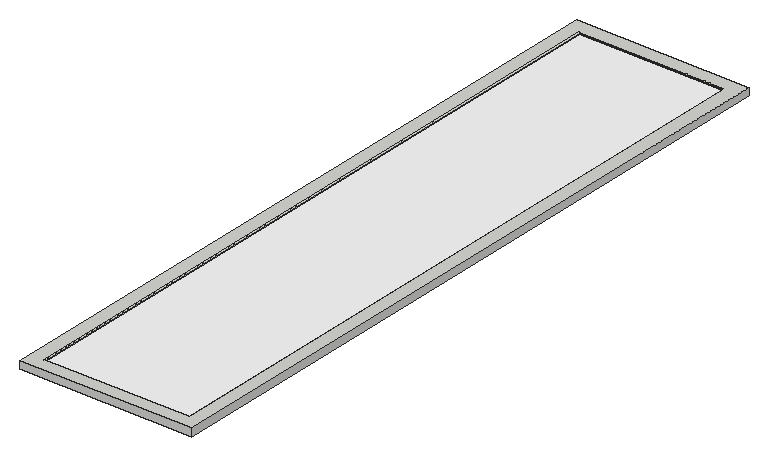
Revit family "Siella_G5 300x1200", category Lighting Fixtures, host Face, Revit 2018
Family settings
  Host = Face
  Round Connector Dimension = Use Diameter
  Part Type = Normal
  OmniClass Number = 23.80.70.14
  OmniClass Title = Luminaries for External Lighting
  Cut with Voids When Loaded = No
  Light Source = No
  Shared = Yes
  Room Calculation Point = No
Parameters (values of type "Siella G5 M46 OTA19 LED3600-840 ET")
  w_offset = w - 24.2 mm * 2  # 1146.6 mm
  w = 1195 mm
  l_offset = l - 24.2 mm * 2  # 246.6 mm
  Light Source = Siella_G5_LS : TX060597
  LS_offset = 1 mm  # constant formula
  l = 295 mm
  h = 13 mm
  Weight = 2.1
  URL = "http://www.trilux.com/TOC/7165440"
  TOC = "7165440"
  TK = "10175395"
  Safety class = "I"
  SEO = TRILUX_WH_4000
  Model = ""
  Mat = TRILUX_RAL9016
  Manufacturer = "TRILUX"  # constant formula
  Luminous flux of luminaire (lm) = "3600"
  Lamp_0 = "LED"
  Lamp = Lamp_0  # "LED"
  Dimming/Balast = "ET"
  Degree of protection = "IP40"
  Default Elevation = 0 mm
  Connection Load = 33 VA
  Colour temperature (K) = "4000"
  Color = "RAL9016 Verkehrsweiß"
  CRI = "80"
  CENFluxCode = "58 86 97 100 100 0 0 0 0"
  Apparent Load = Connection Load  # 33 VA
Types (2, lengths in mm): name | Weight | URL | TOC | TK | Dimming/Balast
  Siella G5 M46 OTA19 LED3600-840 ETDD | 2.3 | "http://www.trilux.com/TOC/7165451" | "7165451" | "10175396" | "ETDD"
  Siella G5 M46 OTA19 LED3600-840 ET | 2.1 | "http://www.trilux.com/TOC/7165440" | "7165440" | "10175395" | "ET"
Reference planes
  plane 1 "Center (Front/Back)": y = 0
  plane 2: z = 0
  plane 3 "Center (Left/Right)": x = 0
  plane 4: x = 147.5
  plane 5: x = -147.5
  plane 6: y = 597.5
  plane 7: y = -597.5
  plane 8 "h": z = -13
  plane 9: x = -123.3
  plane 10: x = 123.3
  plane 11: y = -573.3
  plane 12: y = 573.3
Forms (mm)
  Extrusion 1, void
    sketch origin (0, 0, 0) x (1, 0, 0) y (0, 1, 0)
      loop
        line (-147.5, 597.5) -> (-147.5, -597.5) -> (147.5, -597.5) -> (147.5, 597.5) -> (-147.5, 597.5)
    from 0 to -50
  Sweep 2, solid, material "TRILUX_RAL9016" <- "Mat"
    path origin (0, 0, 0) x (1, 0, 0) y (0, 1, 0)
      loop
        line (-147.5, 597.5) -> (-147.5, -597.5) -> (147.5, -597.5) -> (147.5, 597.5) -> (-147.5, 597.5)
    profile origin (0, 597.5, 0) x (0, 1, 0) y (0, 0, 1)
      loop
        line (0, 0) -> (-22, 0) -> (-24.2, -2.2) -> (-24.2, -13) -> (0, -13) -> (0, 0)
  Extrusion 3, solid, material "TRILUX_RAL9016" <- "Mat"
    sketch origin (0, 0, -13) x (-1, 0, 0) y (0, -1, 0)
      loop
        line (123.3, -573.3) -> (123.3, 573.3) -> (-123.3, 573.3) -> (-123.3, -573.3) -> (123.3, -573.3)
    from 0 to 6.5
  Extrusion 4, solid, material "TRILUX_WH_4000" <- "SEO"
    sketch origin (0, 0, -6.5) x (-1, 0, 0) y (0, -1, 0)
      loop
        line (123.3, -573.3) -> (123.3, 573.3) -> (-123.3, 573.3) -> (-123.3, -573.3) -> (123.3, -573.3)
    from 0 to 4.3
Cuts and joins
  joined: Sweep 2, Extrusion 3
Dimensions and locks
  equal spacing: plane 7, plane 1 "Center (Front/Back)", plane 6
  "w": plane 7 to plane 6
  equal spacing: plane 5, plane 3 "Center (Left/Right)", plane 4
  "l": plane 5 to plane 4
  "h": level to plane 8 "h"
  "w_offset": plane 12 to plane 11
  equal spacing: plane 12, plane 1 "Center (Front/Back)", plane 11
  "l_offset": plane 9 to plane 10
  equal spacing: plane 9, plane 3 "Center (Left/Right)", plane 10
  locked: connector elem to cut or joined group of Sweep 2, Extrusion 3 at 25  (x2)
  aligned and locked: plane 2 to host face
  aligned and locked: level to host face
  aligned and locked: plane 6 to Extrusion 1 sketch curve
  aligned and locked: plane 5 to Extrusion 1 sketch curve
  aligned and locked: Extrusion 1 sketch curve to plane 7
  aligned and locked: Extrusion 1 sketch curve to plane 4
  aligned and locked: plane 6 to Sweep 2 sketch curve
  aligned and locked: plane 5 to Sweep 2 sketch curve
  aligned and locked: Sweep 2 sketch curve to plane 7
  aligned and locked: Sweep 2 sketch curve to plane 4
  aligned and locked: Sweep 2 sketch curve to plane 12
  aligned and locked: Sweep 2 sketch curve to plane 6
  aligned and locked: Sweep 2 sketch curve to level
  aligned and locked: Extrusion 3 sketch curve to Sweep 2  (x4)
  aligned and locked: Extrusion 3 to plane 8 "h"
  aligned and locked: Extrusion 4 sketch curve to cut or joined group of Sweep 2, Extrusion 3  (x4)
  aligned and locked: Extrusion 4 to cut or joined group of Sweep 2, Extrusion 3
Automatic sketch dimensions
  host sketch curve to host sketch curve = 2438.4 mm  (x2)
  Sweep 2 sketch curve to level = 2.2 mm
  Sweep 2 sketch curve to Sweep 2 sketch curve = 2.2 mm
  Sweep 2 sketch curve to Sweep 2 sketch curve = 13 mm
Nested families
  nested 1: "Siella_G5_LS" at (0, 0, 1), built-in parameter 1001364 <- "LS_offset", type <- "Light Source", type "TX060597"
Connectors
  electrical at (-98.3, -548.3, -13), driven by "Apparent Load"
    settings: index 1, voltage 230 V, apparent load 0 VA, apparent load phase1 33 VA, apparent load phase2 0 VA, apparent load phase3 0 VA, power factor 1, load classification "Sonstige", number of poles 1, system type 31, power factor state 1, is connector primary yes, connector utility no, sub classification motor no, connector description ""
Definition of nested family "Siella_G5_LS"
  Parameters (values of type "TX060609")
    Wattage = 24.2356 W
    built-in parameter 1150110 = 1 (stored number, unit not read)
    built-in parameter 1114217 = 1 (stored number, unit not read)
    Tilt Angle = -90.00°
    built-in parameter 1150109 = 1 (stored number, unit not read)
    built-in parameter 1150134 = 12
    built-in parameter 1150113 = 1 (stored number, unit not read)
    Photometric Web File = "TX060597.ies"
    built-in parameter 1150142 = "IESNA:LM-63-1995\r\n[TEST] \"R218152EkL\" BY: TRILUX LIS - Leuchten-Informationssystem\r\n[DATE] \"26.03.2018-K”stens\"\r\n[MANUFAC] TRILUX GmbH & Co. KG\r\n[LUMCAT] Siella G5 M46 OTA19 LED3600-840\r\n[LUMINAIRE]\r\n[LAMPCAT] 1 x LED\r\n[LAMP] 1 x LED\r\nTILT=NONE\r\n1 3600 3.6 73 37 1 2 1.147 0.247 0.000\r\n1.00 1.00 33.0\r\n0 2.5 5 7.5 10 12.5 15 17.5 20 22.5 25 27.5 30 32.5 35 37.5 40 42.5 45 47.5 \r\n50 52.5 55 57.5 60 62.5 65 67.5 70 72.5 75 77.5 80 82.5 85 87.5 90 92.5 95 \r\n97.5 100 102.5 105 107.5 110 112.5 115 117.5 120 122.5 125 127.5 130 132.5 \r\n135 137.5 140 142.5 145 147.5 150 152.5 155 157.5 160 162.5 165 167.5 170 \r\n172.5 175 177.5 180 \r\n0 2.5 5 7.5 10 12.5 15 17.5 20 22.5 25 27.5 30 32.5 35 37.5 40 42.5 45 47.5 \r\n50 52.5 55 57.5 60 62.5 65 67.5 70 72.5 75 77.5 80 82.5 85 87.5 90 \r\n503.76 503.76 501.35 496.74 489.72 480.69 469.45 456.51 441.57 424.31 404.85 \r\n383.09 359.91 335.24 310.26 285.48 261.61 239.04 217.77 198.11 179.96 163 \r\n147.16 132.31 118.17 104.72 81.25 70.45 60.13 50.21 40.96 32.21 24.13 16.74 \r\n10.02 4.09 .39 0 0 0 0 0 0 0 0 0 0 0 0 0 0 0 0 0 0 0 0 0 0 0 0 0 0 0 0 0 0 0 \r\n0 0 0 0 0 \r\n503.76 503.76 501.35 496.74 489.72 480.69 469.45 456.51 441.57 424.31 404.85 \r\n383.09 359.91 335.24 310.26 285.48 261.61 239.04 217.77 198.11 179.96 163 \r\n147.16 132.31 118.17 104.72 81.25 70.45 60.13 50.21 40.96 32.21 24.13 16.74 \r\n10.02 4.09 .39 0 0 0 0 0 0 0 0 0 0 0 0 0 0 0 0 0 0 0 0 0 0 0 0 0 0 0 0 0 0 0 \r\n0 0 0 0 0 \r\n503.76 503.76 501.35 496.74 489.72 480.69 469.45 456.51 441.57 424.31 404.85 \r\n383.09 359.91 335.24 310.26 285.48 261.61 239.04 217.77 198.11 179.96 163 \r\n147.16 132.31 118.17 104.72 81.25 70.45 60.13 50.21 40.96 32.21 24.13 16.74 \r\n10.02 4.09 .39 0 0 0 0 0 0 0 0 0 0 0 0 0 0 0 0 0 0 0 0 0 0 0 0 0 0 0 0 0 0 0 \r\n0 0 0 0 0 \r\n503.76 503.76 501.35 496.74 489.72 480.69 469.45 456.51 441.57 424.31 404.85 \r\n383.09 359.91 335.24 310.26 285.48 261.61 239.04 217.77 198.11 179.96 163 \r\n147.16 132.31 118.17 104.72 81.25 70.45 60.13 50.21 40.96 32.21 24.13 16.74 \r\n10.02 4.09 .39 0 0 0 0 0 0 0 0 0 0 0 0 0 0 0 0 0 0 0 0 0 0 0 0 0 0 0 0 0 0 0 \r\n0 0 0 0 0 \r\n503.76 503.76 501.35 496.74 489.72 480.69 469.45 456.51 441.57 424.31 404.85 \r\n383.09 359.91 335.24 310.26 285.48 261.61 239.04 217.77 198.11 179.96 163 \r\n147.16 132.31 118.17 104.72 81.25 70.45 60.13 50.21 40.96 32.21 24.13 16.74 \r\n10.02 4.09 .39 0 0 0 0 0 0 0 0 0 0 0 0 0 0 0 0 0 0 0 0 0 0 0 0 0 0 0 0 0 0 0 \r\n0 0 0 0 0 \r\n503.76 503.76 501.35 496.74 489.72 480.69 469.45 456.51 441.57 424.31 404.85 \r\n383.09 359.91 335.24 310.26 285.48 261.61 239.04 217.77 198.11 179.96 163 \r\n147.16 132.31 118.17 104.72 81.25 70.45 60.13 50.21 40.96 32.21 24.13 16.74 \r\n10.02 4.09 .39 0 0 0 0 0 0 0 0 0 0 0 0 0 0 0 0 0 0 0 0 0 0 0 0 0 0 0 0 0 0 0 \r\n0 0 0 0 0 \r\n503.76 503.76 501.35 496.74 489.72 480.69 469.45 456.51 441.57 424.31 404.85 \r\n383.09 359.91 335.24 310.26 285.48 261.61 239.04 217.77 198.11 179.96 163 \r\n147.16 132.31 118.17 104.72 81.25 70.45 60.13 50.21 40.96 32.21 24.13 16.74 \r\n10.02 4.09 .39 0 0 0 0 0 0 0 0 0 0 0 0 0 0 0 0 0 0 0 0 0 0 0 0 0 0 0 0 0 0 0 \r\n0 0 0 0 0 \r\n503.76 503.76 501.35 496.74 489.72 480.69 469.45 456.51 441.57 424.31 404.85 \r\n383.09 359.91 335.24 310.26 285.48 261.61 239.04 217.77 198.11 179.96 163 \r\n147.16 132.31 118.17 104.72 81.25 70.45 60.13 50.21 40.96 32.21 24.13 16.74 \r\n10.02 4.09 .39 0 0 0 0 0 0 0 0 0 0 0 0 0 0 0 0 0 0 0 0 0 0 0 0 0 0 0 0 0 0 0 \r\n0 0 0 0 0 \r\n503.76 503.76 501.35 496.74 489.72 480.69 469.45 456.51 441.57 424.31 404.85 \r\n383.09 359.91 335.24 310.26 285.48 261.61 239.04 217.77 198.11 179.96 163 \r\n147.16 132.31 118.17 104.72 81.25 70.45 60.13 50.21 40.96 32.21 24.13 16.74 \r\n10.02 4.09 .39 0 0 0 0 0 0 0 0 0 0 0 0 0 0 0 0 0 0 0 0 0 0 0 0 0 0 0 0 0 0 0 \r\n0 0 0 0 0 \r\n503.76 503.76 501.35 496.74 489.72 480.69 469.45 456.51 441.57 424.31 404.85 \r\n383.09 359.91 335.24 310.26 285.48 261.61 239.04 217.77 198.11 179.96 163 \r\n147.16 132.31 118.17 104.72 81.25 70.45 60.13 50.21 40.96 32.21 24.13 16.74 \r\n10.02 4.09 .39 0 0 0 0 0 0 0 0 0 0 0 0 0 0 0 0 0 0 0 0 0 0 0 0 0 0 0 0 0 0 0 \r\n0 0 0 0 0 \r\n503.76 503.76 501.35 496.74 489.72 480.69 469.45 456.51 441.57 424.31 404.85 \r\n383.09 359.91 335.24 310.26 285.48 261.61 239.04 217.77 198.11 179.96 163 \r\n147.16 132.31 118.17 104.72 81.25 70.45 60.13 50.21 40.96 32.21 24.13 16.74 \r\n10.02 4.09 .39 0 0 0 0 0 0 0 0 0 0 0 0 0 0 0 0 0 0 0 0 0 0 0 0 0 0 0 0 0 0 0 \r\n0 0 0 0 0 \r\n503.76 503.76 501.35 496.74 489.72 480.69 469.45 456.51 441.57 424.31 404.85 \r\n383.09 359.91 335.24 310.26 285.48 261.61 239.04 217.77 198.11 179.96 163 \r\n147.16 132.31 118.17 104.72 81.25 70.45 60.13 50.21 40.96 32.21 24.13 16.74 \r\n10.02 4.09 .39 0 0 0 0 0 0 0 0 0 0 0 0 0 0 0 0 0 0 0 0 0 0 0 0 0 0 0 0 0 0 0 \r\n0 0 0 0 0 \r\n503.76 503.76 501.35 496.74 489.72 480.69 469.45 456.51 441.57 424.31 404.85 \r\n383.09 359.91 335.24 310.26 285.48 261.61 239.04 217.77 198.11 179.96 163 \r\n147.16 132.31 118.17 104.72 81.25 70.45 60.13 50.21 40.96 32.21 24.13 16.74 \r\n10.02 4.09 .39 0 0 0 0 0 0 0 0 0 0 0 0 0 0 0 0 0 0 0 0 0 0 0 0 0 0 0 0 0 0 0 \r\n0 0 0 0 0 \r\n503.76 503.76 501.35 496.74 489.72 480.69 469.45 456.51 441.57 424.31 404.85 \r\n383.09 359.91 335.24 310.26 285.48 261.61 239.04 217.77 198.11 179.96 163 \r\n147.16 132.31 118.17 104.72 81.25 70.45 60.13 50.21 40.96 32.21 24.13 16.74 \r\n10.02 4.09 .39 0 0 0 0 0 0 0 0 0 0 0 0 0 0 0 0 0 0 0 0 0 0 0 0 0 0 0 0 0 0 0 \r\n0 0 0 0 0 \r\n503.76 503.76 501.35 496.74 489.72 480.69 469.45 456.51 441.57 424.31 404.85 \r\n383.09 359.91 335.24 310.26 285.48 261.61 239.04 217.77 198.11 179.96 163 \r\n147.16 132.31 118.17 104.72 81.25 70.45 60.13 50.21 40.96 32.21 24.13 16.74 \r\n10.02 4.09 .39 0 0 0 0 0 0 0 0 0 0 0 0 0 0 0 0 0 0 0 0 0 0 0 0 0 0 0 0 0 0 0 \r\n0 0 0 0 0 \r\n503.76 503.76 501.35 496.74 489.72 480.69 469.45 456.51 441.57 424.31 404.85 \r\n383.09 359.91 335.24 310.26 285.48 261.61 239.04 217.77 198.11 179.96 163 \r\n147.16 132.31 118.17 104.72 81.25 70.45 60.13 50.21 40.96 32.21 24.13 16.74 \r\n10.02 4.09 .39 0 0 0 0 0 0 0 0 0 0 0 0 0 0 0 0 0 0 0 0 0 0 0 0 0 0 0 0 0 0 0 \r\n0 0 0 0 0 \r\n503.76 503.76 501.35 496.74 489.72 480.69 469.45 456.51 441.57 424.31 404.85 \r\n383.09 359.91 335.24 310.26 285.48 261.61 239.04 217.77 198.11 179.96 163 \r\n147.16 132.31 118.17 104.72 81.25 70.45 60.13 50.21 40.96 32.21 24.13 16.74 \r\n10.02 4.09 .39 0 0 0 0 0 0 0 0 0 0 0 0 0 0 0 0 0 0 0 0 0 0 0 0 0 0 0 0 0 0 0 \r\n0 0 0 0 0 \r\n503.76 503.76 501.35 496.74 489.72 480.69 469.45 456.51 441.57 424.31 404.85 \r\n383.09 359.91 335.24 310.26 285.48 261.61 239.04 217.77 198.11 179.96 163 \r\n147.16 132.31 118.17 104.72 81.25 70.45 60.13 50.21 40.96 32.21 24.13 16.74 \r\n10.02 4.09 .39 0 0 0 0 0 0 0 0 0 0 0 0 0 0 0 0 0 0 0 0 0 0 0 0 0 0 0 0 0 0 0 \r\n0 0 0 0 0 \r\n503.76 503.76 501.35 496.74 489.72 480.69 469.45 456.51 441.57 424.31 404.85 \r\n383.09 359.91 335.24 310.26 285.48 261.61 239.04 217.77 198.11 179.96 163 \r\n147.16 132.31 118.17 104.72 81.25 70.45 60.13 50.21 40.96 32.21 24.13 16.74 \r\n10.02 4.09 .39 0 0 0 0 0 0 0 0 0 0 0 0 0 0 0 0 0 0 0 0 0 0 0 0 0 0 0 0 0 0 0 \r\n0 0 0 0 0 \r\n503.76 503.76 501.35 496.74 489.72 480.69 469.45 456.51 441.57 424.31 404.85 \r\n383.09 359.91 335.24 310.26 285.48 261.61 239.04 217.77 198.11 179.96 163 \r\n147.16 132.31 118.17 104.72 81.25 70.45 60.13 50.21 40.96 32.21 24.13 16.74 \r\n10.02 4.09 .39 0 0 0 0 0 0 0 0 0 0 0 0 0 0 0 0 0 0 0 0 0 0 0 0 0 0 0 0 0 0 0 \r\n0 0 0 0 0 \r\n503.76 503.76 501.35 496.74 489.72 480.69 469.45 456.51 441.57 424.31 404.85 \r\n383.09 359.91 335.24 310.26 285.48 261.61 239.04 217.77 198.11 179.96 163 \r\n147.16 132.31 118.17 104.72 81.25 70.45 60.13 50.21 40.96 32.21 24.13 16.74 \r\n10.02 4.09 .39 0 0 0 0 0 0 0 0 0 0 0 0 0 0 0 0 0 0 0 0 0 0 0 0 0 0 0 0 0 0 0 \r\n0 0 0 0 0 \r\n503.76 503.76 501.35 496.74 489.72 480.69 469.45 456.51 441.57 424.31 404.85 \r\n383.09 359.91 335.24 310.26 285.48 261.61 239.04 217.77 198.11 179.96 163 \r\n147.16 132.31 118.17 104.72 81.25 70.45 60.13 50.21 40.96 32.21 24.13 16.74 \r\n10.02 4.09 .39 0 0 0 0 0 0 0 0 0 0 0 0 0 0 0 0 0 0 0 0 0 0 0 0 0 0 0 0 0 0 0 \r\n0 0 0 0 0 \r\n503.76 503.76 501.35 496.74 489.72 480.69 469.45 456.51 441.57 424.31 404.85 \r\n383.09 359.91 335.24 310.26 285.48 261.61 239.04 217.77 198.11 179.96 163 \r\n147.16 132.31 118.17 104.72 81.25 70.45 60.13 50.21 40.96 32.21 24.13 16.74 \r\n10.02 4.09 .39 0 0 0 0 0 0 0 0 0 0 0 0 0 0 0 0 0 0 0 0 0 0 0 0 0 0 0 0 0 0 0 \r\n0 0 0 0 0 \r\n503.76 503.76 501.35 496.74 489.72 480.69 469.45 456.51 441.57 424.31 404.85 \r\n383.09 359.91 335.24 310.26 285.48 261.61 239.04 217.77 198.11 179.96 163 \r\n147.16 132.31 118.17 104.72 81.25 70.45 60.13 50.21 40.96 32.21 24.13 16.74 \r\n10.02 4.09 .39 0 0 0 0 0 0 0 0 0 0 0 0 0 0 0 0 0 0 0 0 0 0 0 0 0 0 0 0 0 0 0 \r\n0 0 0 0 0 \r\n503.76 503.76 501.35 496.74 489.72 480.69 469.45 456.51 441.57 424.31 404.85 \r\n383.09 359.91 335.24 310.26 285.48 261.61 239.04 217.77 198.11 179.96 163 \r\n147.16 132.31 118.17 104.72 81.25 70.45 60.13 50.21 40.96 32.21 24.13 16.74 \r\n10.02 4.09 .39 0 0 0 0 0 0 0 0 0 0 0 0 0 0 0 0 0 0 0 0 0 0 0 0 0 0 0 0 0 0 0 \r\n0 0 0 0 0 \r\n503.76 503.76 501.35 496.74 489.72 480.69 469.45 456.51 441.57 424.31 404.85 \r\n383.09 359.91 335.24 310.26 285.48 261.61 239.04 217.77 198.11 179.96 163 \r\n147.16 132.31 118.17 104.72 81.25 70.45 60.13 50.21 40.96 32.21 24.13 16.74 \r\n10.02 4.09 .39 0 0 0 0 0 0 0 0 0 0 0 0 0 0 0 0 0 0 0 0 0 0 0 0 0 0 0 0 0 0 0 \r\n0 0 0 0 0 \r\n503.76 503.76 501.35 496.74 489.72 480.69 469.45 456.51 441.57 424.31 404.85 \r\n383.09 359.91 335.24 310.26 285.48 261.61 239.04 217.77 198.11 179.96 163 \r\n147.16 132.31 118.17 104.72 81.25 70.45 60.13 50.21 40.96 32.21 24.13 16.74 \r\n10.02 4.09 .39 0 0 0 0 0 0 0 0 0 0 0 0 0 0 0 0 0 0 0 0 0 0 0 0 0 0 0 0 0 0 0 \r\n0 0 0 0 0 \r\n503.76 503.76 501.35 496.74 489.72 480.69 469.45 456.51 441.57 424.31 404.85 \r\n383.09 359.91 335.24 310.26 285.48 261.61 239.04 217.77 198.11 179.96 163 \r\n147.16 132.31 118.17 104.72 81.25 70.45 60.13 50.21 40.96 32.21 24.13 16.74 \r\n10.02 4.09 .39 0 0 0 0 0 0 0 0 0 0 0 0 0 0 0 0 0 0 0 0 0 0 0 0 0 0 0 0 0 0 0 \r\n0 0 0 0 0 \r\n503.76 503.76 501.35 496.74 489.72 480.69 469.45 456.51 441.57 424.31 404.85 \r\n383.09 359.91 335.24 310.26 285.48 261.61 239.04 217.77 198.11 179.96 163 \r\n147.16 132.31 118.17 104.72 81.25 70.45 60.13 50.21 40.96 32.21 24.13 16.74 \r\n10.02 4.09 .39 0 0 0 0 0 0 0 0 0 0 0 0 0 0 0 0 0 0 0 0 0 0 0 0 0 0 0 0 0 0 0 \r\n0 0 0 0 0 \r\n503.76 503.76 501.35 496.74 489.72 480.69 469.45 456.51 441.57 424.31 404.85 \r\n383.09 359.91 335.24 310.26 285.48 261.61 239.04 217.77 198.11 179.96 163 \r\n147.16 132.31 118.17 104.72 81.25 70.45 60.13 50.21 40.96 32.21 24.13 16.74 \r\n10.02 4.09 .39 0 0 0 0 0 0 0 0 0 0 0 0 0 0 0 0 0 0 0 0 0 0 0 0 0 0 0 0 0 0 0 \r\n0 0 0 0 0 \r\n503.76 503.76 501.35 496.74 489.72 480.69 469.45 456.51 441.57 424.31 404.85 \r\n383.09 359.91 335.24 310.26 285.48 261.61 239.04 217.77 198.11 179.96 163 \r\n147.16 132.31 118.17 104.72 81.25 70.45 60.13 50.21 40.96 32.21 24.13 16.74 \r\n10.02 4.09 .39 0 0 0 0 0 0 0 0 0 0 0 0 0 0 0 0 0 0 0 0 0 0 0 0 0 0 0 0 0 0 0 \r\n0 0 0 0 0 \r\n503.76 503.76 501.35 496.74 489.72 480.69 469.45 456.51 441.57 424.31 404.85 \r\n383.09 359.91 335.24 310.26 285.48 261.61 239.04 217.77 198.11 179.96 163 \r\n147.16 132.31 118.17 104.72 81.25 70.45 60.13 50.21 40.96 32.21 24.13 16.74 \r\n10.02 4.09 .39 0 0 0 0 0 0 0 0 0 0 0 0 0 0 0 0 0 0 0 0 0 0 0 0 0 0 0 0 0 0 0 \r\n0 0 0 0 0 \r\n503.76 503.76 501.35 496.74 489.72 480.69 469.45 456.51 441.57 424.31 404.85 \r\n383.09 359.91 335.24 310.26 285.48 261.61 239.04 217.77 198.11 179.96 163 \r\n147.16 132.31 118.17 104.72 81.25 70.45 60.13 50.21 40.96 32.21 24.13 16.74 \r\n10.02 4.09 .39 0 0 0 0 0 0 0 0 0 0 0 0 0 0 0 0 0 0 0 0 0 0 0 0 0 0 0 0 0 0 0 \r\n0 0 0 0 0 \r\n503.76 503.76 501.35 496.74 489.72 480.69 469.45 456.51 441.57 424.31 404.85 \r\n383.09 359.91 335.24 310.26 285.48 261.61 239.04 217.77 198.11 179.96 163 \r\n147.16 132.31 118.17 104.72 81.25 70.45 60.13 50.21 40.96 32.21 24.13 16.74 \r\n10.02 4.09 .39 0 0 0 0 0 0 0 0 0 0 0 0 0 0 0 0 0 0 0 0 0 0 0 0 0 0 0 0 0 0 0 \r\n0 0 0 0 0 \r\n503.76 503.76 501.35 496.74 489.72 480.69 469.45 456.51 441.57 424.31 404.85 \r\n383.09 359.91 335.24 310.26 285.48 261.61 239.04 217.77 198.11 179.96 163 \r\n147.16 132.31 118.17 104.72 81.25 70.45 60.13 50.21 40.96 32.21 24.13 16.74 \r\n10.02 4.09 .39 0 0 0 0 0 0 0 0 0 0 0 0 0 0 0 0 0 0 0 0 0 0 0 0 0 0 0 0 0 0 0 \r\n0 0 0 0 0 \r\n503.76 503.76 501.35 496.74 489.72 480.69 469.45 456.51 441.57 424.31 404.85 \r\n383.09 359.91 335.24 310.26 285.48 261.61 239.04 217.77 198.11 179.96 163 \r\n147.16 132.31 118.17 104.72 81.25 70.45 60.13 50.21 40.96 32.21 24.13 16.74 \r\n10.02 4.09 .39 0 0 0 0 0 0 0 0 0 0 0 0 0 0 0 0 0 0 0 0 0 0 0 0 0 0 0 0 0 0 0 \r\n0 0 0 0 0 \r\n503.76 503.76 501.35 496.74 489.72 480.69 469.45 456.51 441.57 424.31 404.85 \r\n383.09 359.91 335.24 310.26 285.48 261.61 239.04 217.77 198.11 179.96 163 \r\n147.16 132.31 118.17 104.72 81.25 70.45 60.13 50.21 40.96 32.21 24.13 16.74 \r\n10.02 4.09 .39 0 0 0 0 0 0 0 0 0 0 0 0 0 0 0 0 0 0 0 0 0 0 0 0 0 0 0 0 0 0 0 \r\n0 0 0 0 0 \r\n503.76 503.76 501.35 496.74 489.72 480.69 469.45 456.51 441.57 424.31 404.85 \r\n383.09 359.91 335.24 310.26 285.48 261.61 239.04 217.77 198.11 179.96 163 \r\n147.16 132.31 118.17 104.72 81.25 70.45 60.13 50.21 40.96 32.21 24.13 16.74 \r\n10.02 4.09 .39 0 0 0 0 0 0 0 0 0 0 0 0 0 0 0 0 0 0 0 0 0 0 0 0 0 0 0 0 0 0 0 \r\n0 0 0 0 0 \r\n\r\n"
    Lumens = 3600 lm
    built-in parameter 1150115 = 1 (stored number, unit not read)
    built-in parameter 1150105 = 286.48 (stored number, unit not read)
    built-in parameter 1150137 = (empty or 0)
    built-in parameter 1150139 = (empty or 0)
    built-in parameter 1150112 = 1 (stored number, unit not read)
    built-in parameter 1150114 = 1 (stored number, unit not read)
    built-in parameter 1150132 = 2
    built-in parameter 1150102 = (empty or 0)
    built-in parameter 1150138 = (empty or 0)
    built-in parameter 1150107 = 4000 (stored number, unit not read)
    built-in parameter 1150106 = 2.8648 (stored number, unit not read)
    built-in parameter 1150104 = 13.8 (stored number, unit not read)
    Dimming Lamp Color Temperature Shift = (empty or 0)
    Color Filter = 16777215
    built-in parameter 1114218 = 1 (stored number, unit not read)
    built-in parameter 1150133 = 10 (stored number, unit not read)
  Types (14): name
    TX000000
    TX060597
    TX060598
    TX060599
    TX060600
    TX060601
    TX060602
    TX060603
    TX060604
    TX060605
    TX060606
    TX060607
    TX060608
    TX060609
  Reference planes
    plane 1 "Light Source Axis (F/B)": y = 0
    plane 2: z = 0
    plane 3 "Light Source Axis (L/R)": x = 0
    plane 4 "Light Source Elevation": z = 0
  Dimensions and locks
    aligned and locked: plane 3 "Light Source Axis (L/R)" to imposter light
    aligned and locked: plane 1 "Light Source Axis (F/B)" to imposter light
    aligned and locked: plane 4 "Light Source Elevation" to imposter light
    aligned and locked: level to plane 2
